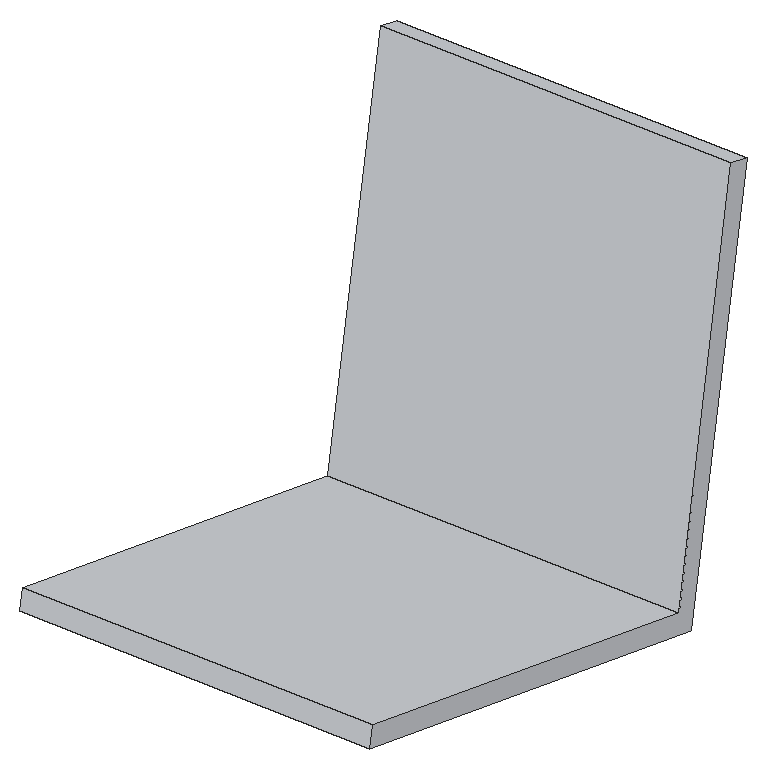
Revit family "Stadium_Seat_New", category Furniture, Revit 2018
Family settings
  OmniClass Number = 23.40.20.00
  OmniClass Title = General Furniture and Specialties
  Work Plane-Based = Yes
  Always vertical = Yes
  Cut with Voids When Loaded = No
  Shared = No
  Room Calculation Point = No
Parameters (values of type "450x600")
  Seath width = 450 mm
  Seath thickness = 25 mm
  Seat height = 370 mm
  Seat depth = 600 mm
  Seat angle = 10.00°
  Height = 760 mm
  Default Elevation = 1219.2 mm
  Back angle = 10.00°
Reference planes
  plane 1: z = 0
  plane 2 "Center (Left/Right)": x = 0
  plane 3 "Center (Front/Back)": y = 0
  plane 4: z = 370
  plane 5: z = 760
Forms (mm)
  Extrusion 1, solid
    sketch origin (0, -600, 0) x (0, 1, 0) y (0, 0, 1)
      loop
        line (1200, 760) -> (1175.38, 764.341) -> (1090.594, 283.495) -> (600, 370) -> (595.659, 345.38) -> (1110.873, 254.534) -> (1200, 760)
    from -225 to 225
Dimensions and locks
  "Seat height": plane 4 to plane 1
  "Height": plane 5 to plane 1
  "Seath thickness": Extrusion 1 sketch curve to Extrusion 1 sketch curve  (x2)
  aligned and locked: level to plane 1
Automatic sketch dimensions
  Extrusion 1 sketch curve to plane 3 "Center (Front/Back)" = 0 mm
  Extrusion 1 sketch curve to plane 5 = 0 mm
  Extrusion 1 sketch curve to plane 4 = 0 mm
  level to Extrusion 1 sketch curve = 345.38 mm
  Extrusion 1 sketch curve to plane 4 = 86.505 mm
